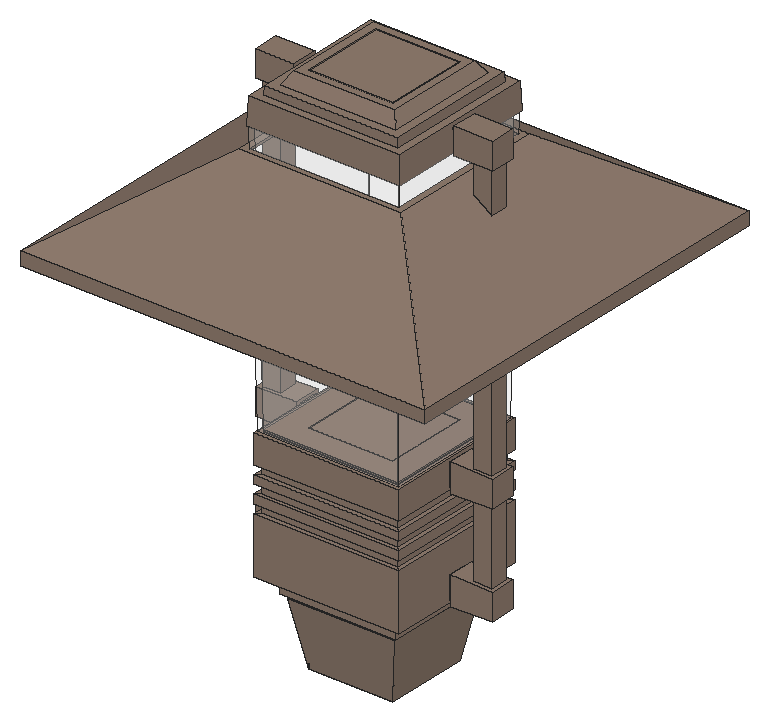
Revit family "PKWM", category Lighting Fixtures, host Face, Revit 2012
Parameters (values of type "PKWM- WRZ")
  Wattage Comments = "55W"
  Voltage = 120 V  # constant formula
  URL = "http://www.aal.net/"
  Product Page URL = "http://www.aal.net/products/pkwm/"
  Product Documentation Link = "http://cdn.aal.net/content/products/specs/specs_files/aal_pkwm_spec.pdf"
  Photometric Web = Web PKWM : PKWM-STR-Y3VC-32LED-3K-525
  Model = "PKWM"  # constant formula
  Manufacturer Phone = "(626)-968-5666"  # constant formula
  Manufacturer Fax = "(626)-369-2695"  # constant formula
  Manufacturer = "Architectural Area Lighting"  # constant formula
  Load Classification = Lighting
  Light Bulb Material = Hubbell - Glass
  Lamp = "LED"
  Finish = Hubbell-Aluminum-Weathered Bronze
  Description = "Parkway square is a complete family of luminaires that harmoniously combine the ultimate in style with technological sophistication. Parkway Square is scaled in two sizes of luminaires plus a matching bollard, and features unique appointments and design elements sure to meet the needs of any project."  # constant formula
  Default Elevation = 48.000"
  Apparent Load = 0 VA
Reference planes (in)
  plane 1 "Center (Front/Back)": y = 0.03999
  plane 2: z = 0
  plane 3 "Center (Left/Right)": x = 0.00649
  plane 4: z = 21
Dimensions and locks (in)
  host sketch curve to plane 1 "Center (Front/Back)" to host sketch curve = 48.03999", 47.96001"
  host sketch curve to plane 3 "Center (Left/Right)" to host sketch curve = 48.00649", 47.99351"
  locked: plane 4 to plane 2 at 21
  aligned and locked: plane 2 to host face
  aligned and locked: level to host face
  aligned and locked: plane 3 "Center (Left/Right)" to nested 1
  aligned and locked: plane 1 "Center (Front/Back)" to nested 1
Nested families (in)
  nested 1: "PKWM_ANG" at (1.15022, -2.7399, 0), Housing Finish <- "Finish", Glazing Type <- "Light Bulb Material", type "Default"
    with Housing Finish Hubbell-Aluminum-Weathered Bronze, Glazing Type Hubbell - Glass
  nested 2: "Web PKWM" at (0.24545, 0, 21) x (1, 0, 0) z (0, 0, -1), type <- "Photometric Web", type "PKWM-STR-Y3VC-32LED-3K-525"
Connectors (in)
  electrical at (0.00649, 0.03999, 0.00193), driven by "Voltage", driven by "Apparent Load", driven by "Load Classification"
    settings: on nested 1, index 1, voltage 120 V, apparent load 0 VA, apparent load phase1 0 VA, apparent load phase2 0 VA, apparent load phase3 0 VA, power factor 1, load classification "Lighting", number of poles 1, system type 30, power factor state 1, is connector primary yes, connector utility no, sub classification motor no, connector description "Electrical connector"
Definition of nested family "PKWM_ANG"
  Parameters (values of type "Default")
    Wattage Comments = "LU100"
    Lamp = "Load Type Catalog for configurations"
    Half Width = Width / 2  # 11.500"
    Width = 23.000"  # constant formula
    Voltage = 277 V
    Type Comments = "Parkway Square"  # constant formula
    Half Base Width = Base Width / 2  # 2.375"
    Default Elevation = 0.000"
    Hood Height = 9.15625"  # constant formula
    URL = "www.aal.net"
    Series = "Period Luminaires"  # constant formula
    Revision Date = "05/2/2011"  # constant formula
    Power Factor = 1  # constant formula
    OmniClass Title = "Post-Top Lighting"  # constant formula
    OmniClass Number = "23.80.70.14.11.14"  # constant formula
    Number of Poles = 1
    Note Visible = yes
    Note Text = "LF"  # constant formula
    Model = "Load Type Catalog for configurations"
    MasterFormat Title = "Area Lighting"  # constant formula
    MasterFormat Number = "26.56.29"  # constant formula
    Manufacturer = "Architectural Area Lighting"  # constant formula
    Housing Finish [instance] = none
    Height = 30.500"  # constant formula
    Glazing Type [instance] = none
    Full Load Current = 0.73 A  # constant formula
    Frequency = 60 Hz  # constant formula
    Description = "Exterior Lighting"  # constant formula
    Created By = "CADdetails, LTD"  # constant formula
    Base Width = 4.750"  # constant formula
    Assembly Code = "D5020200"
    Architectural Design Manual = "http://www.aal.net/products/pkwm/"
    Apparent Load = 57 VA
    Absolute Lumens = 9300 lm
  Reference planes (in)
    plane 1 "Light Source Axis (F/B)": y = 2.77989
    plane 2 "Bottom": z = 0.00193
    plane 3 "Light Source Axis (L/R)": x = -1.14373
    plane 4 "Light Source Elevation": z = 16.81443
    plane 5 "Top": z = 30.50193
    plane 6: z = 12.28318
    plane 7: x = -3.51873
    plane 8 "Left": x = -12.64373
    plane 9: x = 1.23127
    plane 10 "Right": x = 10.35627
    plane 11: z = 21.34568
    plane 12: y = 5.15489
    plane 13 "Back": y = 14.27989
    plane 14: y = 0.40489
    plane 15 "Front": y = -8.72011
  Forms (in)
    Sweep 1, solid, material <- "Housing Finish", detail levels medium+fine
      path origin (0, 0, 16.81443) x (0, -1, 0) y (1, 0, 0)
        loop
          line (-14.27989, -12.64373) -> (8.72011, -12.64373) -> (8.72011, 10.35627) -> (-14.27989, 10.35627) -> (-14.27989, -12.64373)
      profile origin (-12.64373, 2.77989, 16.81443) x (1, 0, 0) y (0, 0, 1)
        loop
          line (8.65047, 13.6875) -> (8.21746, 13.03075) -> (7.71746, 13.03075) -> (7.7, 12.53075) -> (7.20863, 12.53075) -> (7.15625, 11.03075) -> (9.125, 11.03075) -> (9.125, 13.6875) -> (8.65047, 13.6875)
        loop
          line (7.24046, 9.84375) -> (6.91001, 9.84375) -> (0, 5.28125) -> (0, 4.53125) -> (0.125, 4.53125) -> (0.125, 5.21399) -> (6.94755, 9.71875) -> (7.24046, 9.71875) -> (7.24046, 9.84375)
        loop
          line (9.125, -16.8125) -> (9.125, -4.53125) -> (7.688, -4.53125) -> (7.688, -4.625) -> (7.375, -4.625) -> (7.375, -6.25) -> (7.625, -6.25873) -> (7.625, -6.75873) -> (7.375, -6.76746) -> (7.375, -7.25) -> (7.625, -7.25873) -> (7.625, -7.75873) -> (7.375, -7.76746) -> (7.375, -8.25) -> (7.625, -8.25873) -> (7.625, -8.75873) -> (7.375, -8.76746) -> (7.375, -12) -> (7.594, -12) -> (7.594, -12.0625) -> (8.438, -12.0625) -> (8.438, -12.25) -> (8.188, -12.26748) -> (8.188, -12.92004) -> (8.688, -12.9375) -> (8.688, -13.125) -> (8.44127, -13.14225) -> (8.47252, -13.20475) -> (8.44127, -13.20475) -> (9.125, -16.8125)
    Extrusion 2, solid, material <- "Housing Finish"
      sketch origin (0, 2.77989, 0) x (1, 0, 0) y (0, 0, 1)
        loop
          line (-3.51873, 0.00193) -> (1.23127, 0.00193) -> (1.23127, 12.28318) -> (-3.51873, 12.28318) -> (-3.51873, 0.00193)
        loop
          line (-3.51873, 27.84518) -> (1.23127, 27.84518) -> (1.23127, 30.50193) -> (-3.51873, 30.50193) -> (-3.51873, 27.84518)
      from -2.375 to 2.375
    Extrusion 3, solid, material <- "Housing Finish", detail levels fine
      sketch origin (0, 2.77989, 0) x (1, 0, 0) y (0, 0, 1)
        loop
          line (-5.51873, 6.43943) -> (-7.89373, 6.35649) -> (-7.89373, 4.89737) -> (-5.51873, 4.81443) -> (-5.51873, 5.00243) -> (-5.26873, 5.01116) -> (-5.26873, 6.3057) -> (-5.51873, 6.31443) -> (-5.51873, 6.43943)
        loop
          line (-5.51873, 12.18943) -> (-7.89373, 12.10649) -> (-7.89373, 10.64737) -> (-5.51873, 10.56443) -> (-5.51873, 10.75243) -> (-5.26873, 10.76116) -> (-5.26873, 12.0557) -> (-5.51873, 12.06443) -> (-5.51873, 12.18943)
        loop
          line (-7.89473, 29.34518) -> (-7.89473, 27.84518) -> (-5.6851, 27.84518) -> (-5.6851, 28.03318) -> (-5.4351, 28.03318) -> (-5.4351, 29.15718) -> (-5.6851, 29.15718) -> (-5.6851, 29.34518) -> (-7.89473, 29.34518)
        loop
          line (3.23127, 6.43943) -> (3.23127, 6.31443) -> (2.98127, 6.3057) -> (2.98127, 5.01116) -> (3.23127, 5.00243) -> (3.23127, 4.81443) -> (5.60627, 4.89737) -> (5.60627, 6.35649) -> (3.23127, 6.43943)
        loop
          line (3.23127, 12.18943) -> (3.23127, 12.06443) -> (2.98127, 12.0557) -> (2.98127, 10.76116) -> (3.23127, 10.75243) -> (3.23127, 10.56443) -> (5.60627, 10.64737) -> (5.60627, 12.10649) -> (3.23127, 12.18943)
        loop
          line (5.60727, 29.34518) -> (3.39764, 29.34518) -> (3.39764, 29.15718) -> (3.14764, 29.15718) -> (3.14764, 28.03318) -> (3.39764, 28.03318) -> (3.39764, 27.84518) -> (5.60727, 27.84518) -> (5.60727, 29.34518)
      from -0.73047 to 0.73047
    Extrusion 4, void
      sketch origin (0, 0, 0.00193) x (1, 0, 0) y (0, 1, 0)
        loop
          line (-5.51873, 3.51036) -> (-5.51873, 3.32286) -> (-5.26873, 3.32286) -> (-5.26873, 3.51036) -> (-5.51873, 3.51036)
        loop
          line (-5.51873, 2.23692) -> (-5.51873, 2.04942) -> (-5.26873, 2.04942) -> (-5.26873, 2.23692) -> (-5.51873, 2.23692)
        loop
          line (3.23127, 3.51036) -> (2.98127, 3.51036) -> (2.98127, 3.32286) -> (3.23127, 3.32286) -> (3.23127, 3.51036)
        loop
          line (3.23127, 2.23692) -> (2.98127, 2.23692) -> (2.98127, 2.04942) -> (3.23127, 2.04942) -> (3.23127, 2.23692)
      from 0 to 12.28125
    Extrusion 5, void
      sketch origin (0, 0, 30.50193) x (-1, 0, 0) y (0, -1, 0)
        loop
          line (5.6851, -3.51036) -> (5.6851, -3.32286) -> (5.4351, -3.32286) -> (5.4351, -3.51036) -> (5.6851, -3.51036)
        loop
          line (5.6851, -2.23692) -> (5.6851, -2.04942) -> (5.4351, -2.04942) -> (5.4351, -2.23692) -> (5.6851, -2.23692)
        loop
          line (-3.39764, -3.51036) -> (-3.14764, -3.51036) -> (-3.14764, -3.32286) -> (-3.39764, -3.32286) -> (-3.39764, -3.51036)
        loop
          line (-3.39764, -2.23692) -> (-3.14764, -2.23692) -> (-3.14764, -2.04942) -> (-3.39764, -2.04942) -> (-3.39764, -2.23692)
      from 0 to -9.15625
    Extrusion 6, solid, material <- "Housing Finish", detail levels fine
      sketch origin (0, 0, 16.81443) x (0, -1, 0) y (1, 0, 0)
        loop
          line (-3.27989, -7.64473) -> (-2.27989, -7.64473) -> (-2.27989, -6.64473) -> (-3.27989, -6.64473) -> (-3.27989, -7.64473)
        loop
          line (-3.27989, 5.35727) -> (-3.27989, 4.35727) -> (-2.27989, 4.35727) -> (-2.27989, 5.35727) -> (-3.27989, 5.35727)
      from -11.28761 to 11.03075
    Sweep 7, solid, material <- "Glazing Type"
      path origin (0, 0, 16.81443) x (0, -1, 0) y (1, 0, 0)
        loop
          line (-5.15489, -3.51873) -> (-0.40489, -3.51873) -> (-0.40489, 1.23127) -> (-5.15489, 1.23127) -> (-5.15489, -3.51873)
      profile origin (-3.51873, 2.77989, 16.81443) x (1, 0, 0) y (0, 0, 1)
        loop
          line (-1.89664, 11.03075) -> (-1.62336, -4.625) -> (-1.437, -4.625) -> (-1.71027, 11.03075) -> (-1.89664, 11.03075)
    Sweep 8, solid, material <- "Housing Finish", detail levels coarse
      path origin (0, 0, 16.81443) x (0, -1, 0) y (1, 0, 0)
        loop
          line (-14.27989, -12.64373) -> (8.72011, -12.64373) -> (8.72011, 10.35627) -> (-14.27989, 10.35627) -> (-14.27989, -12.64373)
      profile origin (-12.64373, 2.77989, 16.81443) x (1, 0, 0) y (0, 0, 1)
        loop
          line (9.125, 13.6875) -> (7.03474, 13.6875) -> (7.03474, 11.03075) -> (9.125, 11.03075) -> (9.125, 13.6875)
        loop
          line (0, 4.53125) -> (7.03474, 4.53125) -> (7.03474, 6.34375) -> (0, 6.34375) -> (0, 4.53125)
        loop
          line (9.125, -4.53125) -> (7.03474, -4.53125) -> (7.03474, -16.8125) -> (9.125, -16.8125) -> (9.125, -4.53125)
  Cuts and joins
    Extrusion 4, Extrusion 5 cuts Extrusion 2
    Extrusion 4, Extrusion 5 cuts Extrusion 3
    joined: Extrusion 3, Extrusion 6
  Lines and regions (in)
    Masking region 1
      outline origin (0, 0, 16.81443) x (0, -1, 0) y (1, 0, 0)
        loop
          line (-14.27989, -12.64373) -> (8.72011, -12.64373) -> (8.72011, 10.35627) -> (-14.27989, 10.35627) -> (-14.27989, -12.64373)
    Masking region 2, detail levels medium+fine
      outline origin (0, 0, 16.81443) x (0, -1, 0) y (1, 0, 0)
        loop
          line (-7.07126, -5.4351) -> (1.51148, -5.4351) -> (1.51148, 3.14764) -> (-7.07126, 3.14764) -> (-7.07126, -5.4351)
    Masking region 3, detail levels fine
      outline origin (0, 0, 16.81443) x (0, -1, 0) y (1, 0, 0)
        loop
          line (-3.32286, -5.4351) -> (-3.32286, -5.6851) -> (-3.51036, -5.6851) -> (-3.51036, -7.89473) -> (-2.04942, -7.89473) -> (-2.04942, -5.6851) -> (-2.23692, -5.6851) -> (-2.23692, -5.4351) -> (-3.32286, -5.4351)
        loop
          line (-3.32286, 3.14764) -> (-2.23692, 3.14764) -> (-2.23692, 3.39764) -> (-2.04942, 3.39764) -> (-2.04942, 5.60727) -> (-3.51036, 5.60727) -> (-3.51036, 3.39764) -> (-3.32286, 3.39764) -> (-3.32286, 3.14764)
        loop
          line (-6.09189, -4.45573) -> (0.53211, -4.45573) -> (0.53211, 2.16827) -> (-6.09189, 2.16827) -> (-6.09189, -4.45573)
        loop
          line (-5.59189, -3.95573) -> (0.03211, -3.95573) -> (0.03211, 1.66827) -> (-5.59189, 1.66827) -> (-5.59189, -3.95573)
    Masking region 4, detail levels medium+fine
      outline origin (0, 2.77989, 0) x (1, 0, 0) y (0, 0, 1)
        loop
          line (-3.51873, 0.00193) -> (1.23127, 0.00193) -> (1.915, 3.60968) -> (1.88375, 3.60968) -> (1.915, 3.67218) -> (1.66827, 3.68943) -> (1.66827, 3.87693) -> (2.16827, 3.89439) -> (2.16827, 4.54695) -> (1.91827, 4.56443) -> (1.91827, 4.75193) -> (2.76227, 4.75193) -> (2.76227, 4.81443) -> (2.98127, 4.81443) -> (2.98127, 5.01116) -> (3.23127, 5.01116) -> (3.23127, 4.81443) -> (5.60627, 4.89737) -> (5.60627, 6.35649) -> (5.35727, 6.35649) -> (5.35727, 10.63867) -> (5.60627, 10.64737) -> (5.60627, 12.10649) -> (5.35727, 12.11519) -> (5.35727, 21.34568) -> (10.35627, 21.34568) -> (10.35627, 22.09568) -> (5.35727, 25.39639) -> (5.35727, 27.84518) -> (5.60727, 27.84518) -> (5.60727, 29.34518) -> (3.39764, 29.34518) -> (3.39764, 29.15718) -> (3.1542, 29.15718) -> (3.14764, 29.34518) -> (2.65627, 29.34518) -> (2.63881, 29.84518) -> (2.13881, 29.84518) -> (1.70579, 30.50193) -> (-3.99326, 30.50193) -> (-4.42627, 29.84518) -> (-4.92627, 29.84518) -> (-4.94373, 29.34518) -> (-5.4351, 29.34518) -> (-5.4351, 29.15718) -> (-5.6851, 29.15718) -> (-5.6851, 29.34518) -> (-7.89473, 29.34518) -> (-7.89473, 27.84518) -> (-7.64473, 27.84518) -> (-7.64473, 25.39639) -> (-12.64373, 22.09568) -> (-12.64373, 21.34568) -> (-7.64473, 21.34568) -> (-7.64473, 12.11519) -> (-7.89373, 12.10649) -> (-7.89373, 10.64737) -> (-7.64473, 10.63867) -> (-7.64473, 6.36519) -> (-7.89373, 6.35649) -> (-7.89373, 4.89737) -> (-5.51873, 4.81443) -> (-5.51873, 5.00243) -> (-5.26873, 5.01116) -> (-5.26873, 4.81443) -> (-5.04973, 4.81443) -> (-5.04973, 4.75193) -> (-4.20573, 4.75193) -> (-4.20573, 4.56443) -> (-4.45573, 4.54695) -> (-4.45573, 3.89439) -> (-3.95573, 3.87693) -> (-3.95573, 3.68943) -> (-4.20246, 3.67218) -> (-4.17121, 3.60968) -> (-4.20246, 3.60968) -> (-3.51873, 0.00193)
        loop
          line (-6.64473, 10.60375) -> (-6.64473, 6.40011) -> (-5.51873, 6.43943) -> (-5.51873, 6.31443) -> (-5.26873, 6.3057) -> (-5.26873, 8.04697) -> (-5.01873, 8.0557) -> (-5.01873, 8.5557) -> (-5.26873, 8.56443) -> (-5.26873, 9.04697) -> (-5.01873, 9.0557) -> (-5.01873, 9.5557) -> (-5.26873, 9.56443) -> (-5.26873, 10.04697) -> (-5.01873, 10.0557) -> (-5.01873, 10.5557) -> (-5.26873, 10.56443) -> (-5.26873, 10.76116) -> (-5.51873, 10.75243) -> (-5.51873, 10.56443) -> (-6.64473, 10.60375)
        loop
          line (4.35727, 10.60375) -> (3.23127, 10.56443) -> (3.23127, 10.75243) -> (2.98127, 10.76116) -> (2.98127, 10.56443) -> (2.73127, 10.5557) -> (2.73127, 10.0557) -> (2.98127, 10.04697) -> (2.98127, 9.56443) -> (2.73127, 9.5557) -> (2.73127, 9.0557) -> (2.98127, 9.04697) -> (2.98127, 8.56443) -> (2.73127, 8.5557) -> (2.73127, 8.0557) -> (2.98127, 8.04697) -> (2.98127, 6.3057) -> (3.23127, 6.31443) -> (3.23127, 6.43943) -> (4.35727, 6.40011) -> (4.35727, 10.60375)
        loop
          line (-6.64473, 21.34568) -> (-6.64473, 12.15011) -> (-5.51873, 12.18943) -> (-5.51873, 12.06443) -> (-5.26873, 12.0557) -> (-5.26873, 12.18943) -> (-5.1421, 12.18943) -> (-5.33683, 21.34568) -> (-6.64473, 21.34568)
        loop
          line (4.35727, 21.34568) -> (3.04936, 21.34568) -> (2.85463, 12.18943) -> (2.98127, 12.18943) -> (2.98127, 12.0557) -> (3.23127, 12.06443) -> (3.23127, 12.18943) -> (4.35727, 12.15011) -> (4.35727, 21.34568)
        loop
          line (-6.64473, 27.84518) -> (-6.64473, 26.05667) -> (-5.73372, 26.65818) -> (-5.39465, 26.65818) -> (-5.41537, 27.84518) -> (-5.48748, 27.84518) -> (-5.48092, 28.03318) -> (-5.6851, 28.03318) -> (-5.6851, 27.84518) -> (-6.64473, 27.84518)
        loop
          line (4.35727, 27.84518) -> (3.39764, 27.84518) -> (3.39764, 28.03318) -> (3.19345, 28.03318) -> (3.20002, 27.84518) -> (3.1279, 27.84518) -> (3.10718, 26.65818) -> (3.44626, 26.65818) -> (4.35727, 26.05667) -> (4.35727, 27.84518)
    Masking region 5, detail levels coarse
      outline origin (0, 2.77989, 0) x (1, 0, 0) y (0, 0, 1)
        loop
          line (-3.51873, 0.00193) -> (1.23127, 0.00193) -> (2.98127, 9.23592) -> (2.98127, 21.34568) -> (10.35627, 21.34568) -> (10.35627, 22.09568) -> (3.44626, 26.65818) -> (2.98127, 26.65818) -> (2.98127, 30.50193) -> (-5.26873, 30.50193) -> (-5.26873, 26.65818) -> (-5.73372, 26.65818) -> (-12.64373, 22.09568) -> (-12.64373, 21.34568) -> (-5.26873, 21.34568) -> (-5.26873, 9.23592) -> (-3.51873, 0.00193)
    Masking region 6, detail levels coarse
      outline origin (-1.14373, 0, 0) x (0, 1, 0) y (0, 0, 1)
        loop
          line (5.15489, 0.00193) -> (6.90489, 9.23592) -> (6.90489, 21.34568) -> (14.27989, 21.34568) -> (14.27989, 22.09568) -> (7.36988, 26.65818) -> (6.90489, 26.65818) -> (6.90489, 30.50193) -> (-1.34511, 30.50193) -> (-1.34511, 26.65818) -> (-1.8101, 26.65818) -> (-8.72011, 22.09568) -> (-8.72011, 21.34568) -> (-1.34511, 21.34568) -> (-1.34511, 9.23592) -> (0.40489, 0.00193) -> (5.15489, 0.00193)
    Masking region 7, detail levels medium+fine
      outline origin (-1.14373, 0, 0) x (0, 1, 0) y (0, 0, 1)
        loop
          line (5.15489, 0.00193) -> (5.83862, 3.60968) -> (5.80737, 3.60968) -> (5.83862, 3.67218) -> (5.59189, 3.68943) -> (5.59189, 3.87693) -> (6.09189, 3.89439) -> (6.09189, 4.54695) -> (5.84189, 4.56443) -> (5.84189, 4.75193) -> (6.68589, 4.75193) -> (6.68589, 4.81443) -> (6.90489, 4.81443) -> (6.90489, 5.01116) -> (6.90489, 8.04697) -> (6.65489, 8.0557) -> (6.65489, 8.5557) -> (6.90489, 8.56443) -> (6.90489, 9.04697) -> (6.65489, 9.0557) -> (6.65489, 9.5557) -> (6.90489, 9.56443) -> (6.90489, 10.04697) -> (6.65489, 10.0557) -> (6.65489, 10.5557) -> (6.90489, 10.56443) -> (6.90489, 12.0557) -> (6.90489, 12.18943) -> (6.77825, 12.18943) -> (6.97299, 21.34568) -> (9.28089, 21.34568) -> (14.27989, 21.34568) -> (14.27989, 22.09568) -> (7.36988, 26.65818) -> (7.03081, 26.65818) -> (7.05153, 27.84518) -> (7.12364, 27.84518) -> (7.07126, 29.34518) -> (6.57989, 29.34518) -> (6.56243, 29.84518) -> (6.06243, 29.84518) -> (5.62942, 30.50193) -> (-0.06964, 30.50193) -> (-0.50265, 29.84518) -> (-1.00265, 29.84518) -> (-1.02011, 29.34518) -> (-1.51148, 29.34518) -> (-1.56386, 27.84518) -> (-1.49174, 27.84518) -> (-1.47103, 26.65818) -> (-1.8101, 26.65818) -> (-8.72011, 22.09568) -> (-8.72011, 21.34568) -> (-3.72111, 21.34568) -> (-1.41321, 21.34568) -> (-1.21847, 12.18943) -> (-1.34511, 12.18943) -> (-1.34511, 12.0557) -> (-1.34511, 10.56443) -> (-1.09511, 10.5557) -> (-1.09511, 10.0557) -> (-1.34511, 10.04697) -> (-1.34511, 9.56443) -> (-1.09511, 9.5557) -> (-1.09511, 9.0557) -> (-1.34511, 9.04697) -> (-1.34511, 8.56443) -> (-1.09511, 8.5557) -> (-1.09511, 8.0557) -> (-1.34511, 8.04697) -> (-1.34511, 5.01116) -> (-1.34511, 4.81443) -> (-1.12611, 4.81443) -> (-1.12611, 4.75193) -> (-0.28211, 4.75193) -> (-0.28211, 4.56443) -> (-0.53211, 4.54695) -> (-0.53211, 3.89439) -> (-0.03211, 3.87693) -> (-0.03211, 3.68943) -> (-0.27884, 3.67218) -> (-0.24759, 3.60968) -> (-0.27884, 3.60968) -> (0.40489, 0.00193) -> (5.15489, 0.00193)
    Masking region 8, detail levels fine
      outline origin (-1.14373, 0, 0) x (0, 1, 0) y (0, 0, 1)
        loop
          line (3.27989, 27.84518) -> (3.51036, 27.84518) -> (3.51036, 29.34518) -> (2.04942, 29.34518) -> (2.04942, 27.84518) -> (2.27989, 27.84518) -> (2.27989, 12.18943) -> (2.04942, 12.18943) -> (2.04942, 10.56443) -> (2.27989, 10.56443) -> (2.27989, 6.43943) -> (2.04942, 6.43943) -> (2.04942, 4.81443) -> (3.51036, 4.81443) -> (3.51036, 6.43943) -> (3.27989, 6.43943) -> (3.27989, 10.56443) -> (3.51036, 10.56443) -> (3.51036, 12.18943) -> (3.27989, 12.18943) -> (3.27989, 27.84518)
        loop
          line (3.32286, 29.15718) -> (2.23692, 29.15718) -> (2.23692, 28.03318) -> (3.32286, 28.03318) -> (3.32286, 29.15718)
        loop
          line (3.32286, 12.06443) -> (2.23692, 12.06443) -> (2.23692, 10.75243) -> (3.32286, 10.75243) -> (3.32286, 12.06443)
        loop
          line (3.32286, 5.00243) -> (3.32286, 6.31443) -> (2.23692, 6.31443) -> (2.23692, 5.00243) -> (3.32286, 5.00243)
    symbolic lines, detail levels coarse
      curve 1: line (-12.64373, 14.27989, 16.81443) -> (10.35627, -8.72011, 16.81443)
      curve 2: line (10.35627, 14.27989, 16.81443) -> (-12.64373, -8.72011, 16.81443)
    symbolic lines, detail levels fine
      curve 3: line (-12.64373, 14.27989, 16.81443) -> (-5.60899, 7.24515, 16.81443)
      curve 4: line (10.35627, 14.27989, 16.81443) -> (3.32153, 7.24515, 16.81443)
      curve 5: line (10.35627, -8.72011, 16.81443) -> (3.32153, -1.68537, 16.81443)
      curve 6: line (-5.60899, -1.68537, 16.81443) -> (-12.64373, -8.72011, 16.81443)
      curve 7: line (2.63881, 2.77989, 29.84518) -> (-4.92627, 2.77989, 29.84518)
      curve 8: line (3.14764, 2.77989, 29.34518) -> (-5.4351, 2.77989, 29.34518)
      curve 9: line (-5.48748, 2.77989, 27.84518) -> (3.20002, 2.77989, 27.84518)
      curve 10: line (-5.6851, 2.77989, 27.84518) -> (-5.6851, 2.77989, 29.34518)
      curve 11: line (-5.4351, 2.77989, 29.34518) -> (-5.48748, 2.77989, 27.84518)
      curve 12: line (3.39764, 2.77989, 29.34518) -> (3.39764, 2.77989, 27.84518)
      curve 13: line (3.20002, 2.77989, 27.84518) -> (3.14764, 2.77989, 29.34518)
      curve 14: line (3.32153, 2.77989, 26.65818) -> (-5.60899, 2.77989, 26.65818)
      curve 15: line (-12.64373, 2.77989, 21.34568) -> (10.35627, 2.77989, 21.34568)
      curve 16: line (-5.51873, 2.77989, 4.81443) -> (-5.51873, 2.77989, 6.43943)
      curve 17: line (-5.51873, 2.77989, 10.56443) -> (-5.51873, 2.77989, 12.18943)
      curve 18: line (-5.26873, 2.77989, 12.18943) -> (-5.26873, 2.77989, 10.56443)
      curve 19: line (-5.26873, 2.77989, 6.3057) -> (-5.26873, 2.77989, 5.01116)
      curve 20: line (3.23127, 2.77989, 4.81443) -> (3.23127, 2.77989, 6.43943)
      curve 21: line (3.23127, 2.77989, 10.56443) -> (3.23127, 2.77989, 12.18943)
      curve 22: line (2.98127, 2.77989, 12.18943) -> (2.98127, 2.77989, 10.56443)
      curve 23: line (2.98127, 2.77989, 6.3057) -> (2.98127, 2.77989, 5.01116)
      curve 24: line (-5.51873, 2.77989, 12.18943) -> (-7.89373, 2.77989, 12.10649)
      curve 25: line (-7.89373, 2.77989, 10.64737) -> (-5.51873, 2.77989, 10.56443)
      curve 26: line (-5.51873, 2.77989, 6.43943) -> (-7.89373, 2.77989, 6.35649)
      curve 27: line (5.60627, 2.77989, 6.35649) -> (3.23127, 2.77989, 6.43943)
      curve 28: line (3.23127, 2.77989, 10.56443) -> (5.60627, 2.77989, 10.64737)
      curve 29: line (5.60627, 2.77989, 12.10649) -> (3.23127, 2.77989, 12.18943)
      curve 30: line (2.98127, 2.77989, 12.18943) -> (-5.26873, 2.77989, 12.18943)
      curve 31: line (2.98127, 2.77989, 10.56443) -> (-5.26873, 2.77989, 10.56443)
      curve 32: line (2.98127, 2.77989, 10.04697) -> (-5.26873, 2.77989, 10.04697)
      curve 33: line (2.98127, 2.77989, 9.56443) -> (-5.26873, 2.77989, 9.56443)
      curve 34: line (2.98127, 2.77989, 9.04697) -> (-5.26873, 2.77989, 9.04697)
      curve 35: line (2.98127, 2.77989, 8.04697) -> (-5.26873, 2.77989, 8.04697)
      curve 36: line (-5.04973, 2.77989, 4.75193) -> (2.76227, 2.77989, 4.75193)
      curve 37: line (2.16827, 2.77989, 4.54695) -> (-4.45573, 2.77989, 4.54695)
      curve 38: line (2.16827, 2.77989, 3.89439) -> (-4.45573, 2.77989, 3.89439)
      curve 39: line (1.915, 2.77989, 3.67218) -> (-4.20246, 2.77989, 3.67218)
      curve 40: line (-1.14373, 6.56243, 29.84518) -> (-1.14373, -1.00265, 29.84518)
      curve 41: line (-1.14373, 7.07126, 29.34518) -> (-1.14373, -1.51148, 29.34518)
      curve 42: line (-1.14373, -1.56386, 27.84518) -> (-1.14373, 7.12364, 27.84518)
      curve 43: line (-1.14373, 3.27989, 26.65818) -> (-1.14373, 7.24515, 26.65818)
      curve 44: line (-1.14373, 3.27989, 21.34568) -> (-1.14373, 6.97299, 21.34568)
      curve 45: line (-1.14373, -1.21847, 12.18943) -> (-1.14373, 6.90489, 12.18943)
      curve 46: line (-1.14373, -1.09511, 10.56443) -> (-1.14373, 6.90489, 10.56443)
      curve 47: line (-1.14373, 6.90489, 10.04697) -> (-1.14373, 3.27989, 10.04697)
      curve 48: line (-1.14373, 6.90489, 9.56443) -> (-1.14373, 3.27989, 9.56443)
      curve 49: line (-1.14373, 6.90489, 9.04697) -> (-1.14373, 3.27989, 9.04697)
      curve 50: line (-1.14373, 6.90489, 8.56443) -> (-1.14373, 3.27989, 8.56443)
      curve 51: line (-1.14373, 6.90489, 8.02892) -> (-1.14373, 3.27989, 8.02892)
      curve 52: line (-1.14373, 6.68589, 4.81443) -> (-1.14373, -1.12611, 4.81443)
      curve 53: line (-1.14373, 3.27989, 6.43943) -> (-1.14373, 2.27989, 6.43943)
      curve 54: line (-1.14373, 6.09189, 4.54695) -> (-1.14373, -0.53211, 4.54695)
      curve 55: line (-1.14373, 6.09189, 3.89439) -> (-1.14373, -0.53211, 3.89439)
      curve 56: line (-1.14373, 5.83862, 3.67218) -> (-1.14373, -0.27884, 3.67218)
      curve 57: line (-1.14373, 2.27989, 26.65818) -> (-1.14373, -1.68537, 26.65818)
      curve 58: line (-1.14373, 2.27989, 21.34568) -> (-1.14373, -1.41321, 21.34568)
      curve 59: line (-1.14373, -1.34511, 10.04697) -> (-1.14373, 2.27989, 10.04697)
      curve 60: line (-1.14373, -1.34511, 9.56443) -> (-1.14373, 2.27989, 9.56443)
      curve 61: line (-1.14373, -1.34511, 9.04697) -> (-1.14373, 2.27989, 9.04697)
      curve 62: line (-1.14373, -1.34511, 8.56443) -> (-1.14373, 2.27989, 8.56443)
      curve 63: line (-1.14373, -1.34511, 8.02892) -> (-1.14373, 2.27989, 8.02892)
  Dimensions and locks (in)
    "Height": plane 5 "Top" to plane 2 "Bottom"
    "Default Elevation": plane 2 "Bottom" to level
    "Half Width": plane 3 "Light Source Axis (L/R)" to plane 8 "Left"
    "Half Width": plane 10 "Right" to plane 3 "Light Source Axis (L/R)"
    "Half Base Width": plane 3 "Light Source Axis (L/R)" to plane 7
    "Half Base Width": plane 9 to plane 3 "Light Source Axis (L/R)"
    "Hood Height": plane 5 "Top" to plane 11
    locked: plane 6 to plane 2 "Bottom" at 12.28125
    equal spacing: plane 11, plane 4 "Light Source Elevation", plane 6
    "Half Width": plane 13 "Back" to plane 1 "Light Source Axis (F/B)"
    "Half Width": plane 15 "Front" to plane 1 "Light Source Axis (F/B)"
    "Half Base Width": plane 14 to plane 1 "Light Source Axis (F/B)"
    "Half Base Width": plane 1 "Light Source Axis (F/B)" to plane 12
    locked: Sweep 1 sketch curve to plane 8 "Left" at 0.125
    plane 5 "Top" to Sweep 1 sketch curve to Sweep 1 sketch curve to Sweep 1 sketch curve to Sweep 1 sketch curve to Sweep 1 sketch curve = 0.65675" locked, 0.500" locked, 1.500" locked, 1.187" locked, 0.125" locked
    plane 7 to Sweep 1 sketch curve to Sweep 1 sketch curve = 0.937" locked, 0.813" locked
    locked: plane 5 "Top" to Extrusion 2 sketch curve at 2.65675
    locked: Extrusion 6 to plane 2 "Bottom" at 5.52489
    locked: plane 5 "Top" to Extrusion 6 at 2.65675
    Sweep 7 sketch curve to Sweep 7 sketch curve to Sweep 7 sketch curve to Sweep 7 sketch curve to profile plane = 0.18636" locked, 0.08691" locked, 0.18636" locked, 1.437" locked
    locked: plane 5 "Top" to Sweep 7 sketch curve at 2.65675
    locked: plane 6 to Sweep 7 sketch curve at 0.09375
    locked: plane 3 "Light Source Axis (L/R)" to Sweep 1 sketch curve at 4.25954
    locked: plane 5 "Top" to Sweep 8 sketch curve at 2.65675
    locked: Sweep 8 sketch curve to plane 11 at 1.8125
    locked: plane 7 to Sweep 8 sketch curve at 2.09026
    Masking region 5 sketch curve to plane 11 = 0.750"
    plane 5 "Top" to Masking region 4 sketch curve to Masking region 4 sketch curve to Masking region 4 sketch curve to Masking region 4 sketch curve = 0.65675" locked, 0.500" locked, 1.500" locked, 1.187" locked
    plane 5 "Top" to Masking region 4 sketch curve to Masking region 4 sketch curve to Masking region 4 sketch curve to Masking region 4 sketch curve to Masking region 4 sketch curve = 1.15675" locked, 0.188" locked, 1.124" locked, 0.188" locked, 0.000" locked
    plane 5 "Top" to Masking region 4 sketch curve to Masking region 4 sketch curve to Masking region 4 sketch curve to Masking region 4 sketch curve to Masking region 4 sketch curve = 0.65675" locked, 0.500" locked, 0.188" locked, 1.124" locked, 1.375" locked
    plane 5 "Top" to Masking region 4 sketch curve to Masking region 4 sketch curve to Masking region 4 sketch curve = 1.15675" locked, 1.500" locked, 0.000" locked
    plane 5 "Top" to Sweep 1 = 3.84375"
    locked: Sweep 1 sketch curve to plane 11 at 0.75
    locked: Sweep 1 sketch curve to plane 11 at 0.68274
    locked: plane 5 "Top" to Masking region 5 sketch curve at 3.84375  (x2)
    locked: Masking region 5 sketch curve to plane 11 at 0.75
    locked: Masking region 4 sketch curve to plane 11 at 0.75  (x2)
    plane 5 "Top" to Masking region 7 sketch curve to Masking region 7 sketch curve to Masking region 7 sketch curve to Masking region 7 sketch curve = 0.65675" locked, 0.500" locked, 1.500" locked, 1.187" locked  (x2)
    locked: Masking region 7 sketch curve to plane 11 at 0.75  (x2)
    locked: plane 5 "Top" to Masking region 6 sketch curve at 3.84375  (x2)
    locked: Masking region 6 sketch curve to plane 11 at 0.75  (x2)
    aligned and locked: Sweep 1 sketch curve to plane 8 "Left"
    aligned and locked: plane 13 "Back" to Sweep 1 sketch curve
    aligned and locked: Sweep 1 sketch curve to plane 10 "Right"
    aligned and locked: Sweep 1 sketch curve to plane 11
    aligned and locked: Sweep 1 sketch curve to plane 7
    aligned and locked: plane 7 to Sweep 1 sketch curve
    aligned and locked: plane 6 to Sweep 1 sketch curve
    aligned and locked: plane 2 "Bottom" to Sweep 1 sketch curve
    aligned and locked: Sweep 1 sketch curve to Sweep 1 sketch curve  (x3)
    aligned and locked: plane 5 "Top" to Extrusion 2 sketch curve
    aligned and locked: Extrusion 2 sketch curve to plane 7  (x2)
    aligned and locked: Extrusion 2 sketch curve to plane 9  (x2)
    aligned and locked: plane 6 to Extrusion 2 sketch curve
    aligned and locked: Extrusion 2 sketch curve to plane 2 "Bottom"
    aligned and locked: plane 12 to Extrusion 2
    aligned and locked: plane 14 to Extrusion 2
    aligned and locked: Extrusion 4 to plane 2 "Bottom"
    aligned and locked: plane 6 to Extrusion 4
    aligned and locked: Extrusion 5 to plane 5 "Top"
    aligned and locked: Extrusion 5 to plane 11
    aligned and locked: plane 7 to Sweep 7 sketch curve
    aligned and locked: Sweep 7 sketch curve to plane 14
    aligned and locked: Sweep 7 sketch curve to plane 9
    aligned and locked: plane 12 to Sweep 7 sketch curve
    aligned and locked: plane 1 "Light Source Axis (F/B)" to nested 1
    aligned and locked: plane 3 "Light Source Axis (L/R)" to nested 1
    aligned and locked: Sweep 8 sketch curve to plane 8 "Left"  (x2)
    aligned and locked: Sweep 8 sketch curve to plane 10 "Right"
    aligned and locked: plane 13 "Back" to Sweep 8 sketch curve
    aligned and locked: plane 15 "Front" to Sweep 8 sketch curve
    aligned and locked: plane 5 "Top" to Sweep 8 sketch curve
    aligned and locked: Sweep 8 sketch curve to plane 11
    aligned and locked: plane 6 to Sweep 8 sketch curve
    aligned and locked: plane 7 to Sweep 8 sketch curve
    aligned and locked: Sweep 8 sketch curve to plane 2 "Bottom"
    aligned and locked: Masking region 1 sketch curve to plane 15 "Front"
    aligned and locked: plane 8 "Left" to Masking region 1 sketch curve
    aligned and locked: plane 10 "Right" to Masking region 1 sketch curve
    aligned and locked: Masking region 1 sketch curve to plane 13 "Back"
    aligned and locked: plane 10 "Right" to curve 1
    aligned and locked: plane 15 "Front" to curve 1
    aligned and locked: plane 13 "Back" to curve 2
    aligned and locked: plane 13 "Back" to curve 1
    aligned and locked: plane 15 "Front" to curve 2
    aligned and locked: plane 8 "Left" to curve 2
    aligned and locked: Sweep 1 to Masking region 2 sketch curve
    aligned and locked: Masking region 2 sketch curve to Sweep 1  (x3)
    aligned and locked: Masking region 3 sketch curve to cut or joined group of Extrusion 3, Extrusion 4, Extrusion 5, Extrusion 6  (x14)
    aligned and locked: cut or joined group of Extrusion 3, Extrusion 4, Extrusion 5, Extrusion 6 to Masking region 3 sketch curve  (x2)
    aligned and locked: Masking region 3 sketch curve to Sweep 1  (x8)
    aligned and locked: Masking region 4 sketch curve to plane 2 "Bottom"
    aligned and locked: Masking region 4 sketch curve to Sweep 1
    aligned and locked: plane 5 "Top" to Masking region 4 sketch curve
    aligned and locked: Masking region 4 sketch curve to plane 8 "Left"
    aligned and locked: Masking region 4 sketch curve to plane 10 "Right"
    aligned and locked: curve 7 to Sweep 1
    aligned and locked: curve 8 to Sweep 1
    aligned and locked: curve 9 to Sweep 1
    aligned and locked: curve 10 to cut or joined group of Extrusion 3, Extrusion 4, Extrusion 5, Extrusion 6
    aligned and locked: curve 11 to Sweep 1
    aligned and locked: curve 12 to cut or joined group of Extrusion 3, Extrusion 4, Extrusion 5, Extrusion 6
    aligned and locked: curve 13 to Sweep 1
    aligned and locked: Sweep 1 to curve 14
    aligned and locked: curve 15 to Sweep 1
    aligned and locked: curve 16 to cut or joined group of Extrusion 3, Extrusion 4, Extrusion 5, Extrusion 6
    aligned and locked: curve 24 to cut or joined group of Extrusion 3, Extrusion 4, Extrusion 5, Extrusion 6
    aligned and locked: curve 25 to cut or joined group of Extrusion 3, Extrusion 4, Extrusion 5, Extrusion 6
    aligned and locked: curve 26 to cut or joined group of Extrusion 3, Extrusion 4, Extrusion 5, Extrusion 6
    aligned and locked: curve 27 to cut or joined group of Extrusion 3, Extrusion 4, Extrusion 5, Extrusion 6
    aligned and locked: curve 28 to cut or joined group of Extrusion 3, Extrusion 4, Extrusion 5, Extrusion 6
    aligned and locked: curve 29 to cut or joined group of Extrusion 3, Extrusion 4, Extrusion 5, Extrusion 6
    aligned and locked: curve 30 to Sweep 1
    aligned and locked: curve 31 to Sweep 1
    aligned and locked: curve 32 to Sweep 1
    aligned and locked: curve 33 to Sweep 1
    aligned and locked: curve 34 to Sweep 1
    aligned and locked: curve 35 to Sweep 1
    aligned and locked: curve 36 to Sweep 1
    aligned and locked: curve 37 to Sweep 1
    aligned and locked: curve 38 to Sweep 1
    aligned and locked: curve 39 to Sweep 1
    aligned and locked: Masking region 5 sketch curve to plane 2 "Bottom"
    aligned and locked: Masking region 5 sketch curve to Sweep 1  (x3)
    aligned and locked: Sweep 1 to Masking region 5 sketch curve
    aligned and locked: Masking region 5 sketch curve to plane 5 "Top"
    aligned and locked: Masking region 5 sketch curve to plane 8 "Left"
    aligned and locked: Masking region 6 sketch curve to plane 5 "Top"
    aligned and locked: Masking region 6 sketch curve to plane 2 "Bottom"
    aligned and locked: plane 13 "Back" to Masking region 6 sketch curve
    aligned and locked: Masking region 7 sketch curve to plane 2 "Bottom"
    aligned and locked: plane 5 "Top" to Masking region 7 sketch curve
    aligned and locked: plane 13 "Back" to Masking region 7 sketch curve
    aligned and locked: curve 40 to Sweep 1
    aligned and locked: curve 41 to Sweep 1
    aligned and locked: curve 42 to Sweep 1
    aligned and locked: Sweep 1 to curve 46
    aligned and locked: Sweep 7 to Sweep 1
    aligned and locked: Sweep 8 sketch curve to Sweep 8 sketch curve  (x2)
    aligned and locked: Masking region 5 sketch curve to plane 11  (x2)
    aligned and locked: Masking region 4 sketch curve to plane 11  (x3)
    aligned and locked: plane 11 to Masking region 4 sketch curve
    aligned and locked: plane 10 "Right" to Masking region 5 sketch curve
    aligned and locked: plane 15 "Front" to Masking region 6 sketch curve
    aligned and locked: Sweep 1 to curve 57
  Automatic sketch dimensions
    Sweep 1 sketch curve to plane 15 "Front" = 0.000"
    Extrusion 4 sketch curve to plane 1 "Light Source Axis (F/B)" = 0.73047"
    Extrusion 4 sketch curve to plane 7 = 2.000"
    Extrusion 4 sketch curve to Extrusion 4 sketch curve = 0.000"  (x2)
    Extrusion 4 sketch curve to Extrusion 4 sketch curve = 0.250"  (x4)
    plane 1 "Light Source Axis (F/B)" to Extrusion 4 sketch curve = 0.73047"  (x2)
    Extrusion 4 sketch curve to plane 9 = 1.750"
    Extrusion 4 sketch curve to Extrusion 4 sketch curve = 0.1875"  (x4)
    Extrusion 4 sketch curve to plane 1 "Light Source Axis (F/B)" = 0.54297"
    Extrusion 5 sketch curve to plane 1 "Light Source Axis (F/B)" = 0.73047"  (x2)
    Extrusion 5 sketch curve to plane 9 = 2.16637"
    Extrusion 5 sketch curve to Extrusion 5 sketch curve = 0.000"  (x2)
    Extrusion 5 sketch curve to Extrusion 5 sketch curve = 0.250"  (x4)
    plane 1 "Light Source Axis (F/B)" to Extrusion 5 sketch curve = 0.73047"
    Extrusion 5 sketch curve to plane 7 = 1.91637"
    Extrusion 5 sketch curve to Extrusion 5 sketch curve = 0.1875"  (x4)
    plane 1 "Light Source Axis (F/B)" to Extrusion 5 sketch curve = 0.54297"
    Extrusion 6 sketch curve to plane 1 "Light Source Axis (F/B)" = 0.500"  (x2)
    plane 1 "Light Source Axis (F/B)" to Extrusion 6 sketch curve = 0.500"  (x2)
    Extrusion 6 sketch curve to plane 7 = 4.126"
    Extrusion 6 sketch curve to Extrusion 6 sketch curve = 1.000"  (x2)
    Extrusion 6 sketch curve to plane 9 = 3.126"
    Sweep 8 sketch curve to Sweep 8 sketch curve = 2.09026"
    curve 15 to plane 8 "Left" = 0.000"
    curve 15 to plane 10 "Right" = 0.000"
    curve 24 to plane 6 = 0.17669"
    curve 26 to curve 16 = 2.375"
    curve 25 to plane 6 = 1.63581"
    curve 10 to curve 14 = 0.07611"
    curve 17 to plane 6 = 0.09375"
    curve 17 to curve 31 = 0.250"
    curve 34 to curve 18 = 0.000"
    curve 35 to curve 34 = 0.000"
    curve 16 to curve 19 = 0.250"
    curve 33 to curve 34 = 0.000"  (x2)
    curve 32 to curve 33 = 0.000"  (x2)
    curve 19 to curve 36 = 0.219"
    curve 8 to curve 7 = 0.50883"
    curve 38 to plane 7 = 0.937"
    curve 36 to curve 37 = 0.594"
    curve 38 to curve 39 = 0.25327"
    curve 39 to plane 9 = 0.68373"
    curve 39 to curve 37 = 0.25327"
    curve 39 to curve 38 = 0.25327"
    curve 7 to curve 8 = 0.50883"
    curve 37 to curve 36 = 0.594"
    curve 22 to plane 9 = 1.750"
    curve 36 to curve 23 = 0.219"
    curve 35 to curve 23 = 0.000"
    curve 34 to curve 35 = 0.000"
    curve 23 to curve 20 = 0.250"
    curve 28 to plane 6 = 1.71875"
    curve 14 to curve 12 = 0.07611"
    curve 28 to plane 6 = 1.63581"
    curve 29 to plane 6 = 0.17669"
    curve 20 to curve 27 = 2.375"
    curve 36 to curve 20 = 0.0625"
    curve 36 to curve 16 = 0.0625"
    curve 16 to curve 19 = 0.19673"
    curve 20 to curve 23 = 0.19673"
    curve 23 to curve 20 = 0.13373"
    curve 19 to curve 16 = 0.13373"
    curve 12 to curve 9 = 0.000"
    curve 10 to curve 9 = 0.000"
    curve 12 to curve 8 = 0.000"
    curve 10 to curve 8 = 0.000"
    Extrusion 3 sketch curve to plane 5 "Top" = 1.15675"
    Extrusion 3 sketch curve to plane 7 = 4.376"
    Extrusion 3 sketch curve to plane 7 = 4.375"  (x2)
    Extrusion 3 sketch curve to plane 6 = 0.17669"  (x2)
    Extrusion 3 sketch curve to plane 7 = 2.16637"
    Extrusion 3 sketch curve to Extrusion 3 sketch curve = 0.000"  (x3)
    Extrusion 3 sketch curve to plane 6 = 0.09375"  (x2)
    Extrusion 3 sketch curve to plane 7 = 2.000"  (x2)
    Extrusion 3 sketch curve to Extrusion 3 sketch curve = 0.250"  (x9)
    Extrusion 3 sketch curve to plane 9 = 1.750"  (x2)
    Extrusion 3 sketch curve to plane 9 = 1.91637"
    Extrusion 3 sketch curve to Extrusion 3 sketch curve = 2.375"  (x2)
    Extrusion 3 sketch curve to plane 6 = 1.63581"
    Extrusion 3 sketch curve to Extrusion 3 sketch curve = 2.20963"
    Extrusion 3 sketch curve to Extrusion 3 sketch curve = 1.625"
    Extrusion 3 sketch curve to plane 6 = 1.71875"
    Extrusion 3 sketch curve to Extrusion 3 sketch curve = 4.125"  (x2)
    Extrusion 3 sketch curve to Extrusion 3 sketch curve = 0.08294"  (x2)
    Extrusion 3 sketch curve to Extrusion 3 sketch curve = 0.125"  (x3)
    Extrusion 3 sketch curve to Extrusion 3 sketch curve = 0.00873"  (x6)
    Extrusion 3 sketch curve to Extrusion 3 sketch curve = 1.29454"  (x2)
    Extrusion 3 sketch curve to Extrusion 3 sketch curve = 1.45913"  (x3)
    Extrusion 3 sketch curve to Extrusion 3 sketch curve = 0.188"  (x8)
    Extrusion 3 sketch curve to plane 6 = 0.22748"  (x2)
    Extrusion 3 sketch curve to plane 6 = 0.21875"
    Extrusion 3 sketch curve to Extrusion 3 sketch curve = 1.500"
    Extrusion 3 sketch curve to plane 5 "Top" = 2.65675"
    Extrusion 3 sketch curve to Extrusion 3 sketch curve = 1.124"
    curve 4 to plane 10 "Right" = 0.000"
    curve 3 to plane 8 "Left" = 0.000"
    curve 5 to plane 10 "Right" = 0.000"
    curve 6 to plane 8 "Left" = 0.000"
    curve 3 to plane 7 = 2.09026"
    curve 4 to plane 9 = 2.09026"
    curve 5 to plane 9 = 2.09026"
    curve 6 to plane 7 = 2.09026"
    plane 1 "Light Source Axis (F/B)" to Masking region 8 sketch curve = 0.73047"  (x3)
    Masking region 8 sketch curve to Masking region 8 sketch curve = 0.1875"  (x5)
    Masking region 8 sketch curve to Masking region 8 sketch curve = 0.04297"  (x4)
    Masking region 8 sketch curve to plane 1 "Light Source Axis (F/B)" = 0.500"  (x2)
    Masking region 8 sketch curve to plane 1 "Light Source Axis (F/B)" = 0.54297"
    Masking region 8 sketch curve to Masking region 8 sketch curve = 0.23047"
    plane 2 "Bottom" to Masking region 8 sketch curve = 4.8125"
    Masking region 8 sketch curve to Masking region 8 sketch curve = 0.188"  (x4)
    Masking region 8 sketch curve to Masking region 8 sketch curve = 1.312"
    Masking region 8 sketch curve to Masking region 8 sketch curve = 0.125"  (x2)
    Masking region 8 sketch curve to plane 6 = 1.71875"
    Masking region 8 sketch curve to Masking region 8 sketch curve = 0.000"  (x2)
    Masking region 8 sketch curve to plane 6 = 0.21875"
    Masking region 8 sketch curve to plane 6 = 0.09375"  (x2)
    Masking region 8 sketch curve to plane 5 "Top" = 2.65675"
    Masking region 8 sketch curve to Masking region 8 sketch curve = 1.124"
    Sweep 1 sketch curve to profile plane = 0.000"
    Sweep 1 sketch curve to Sweep 1 sketch curve = 0.03754"
    Sweep 1 sketch curve to Sweep 1 sketch curve = 0.08421"
    Sweep 1 sketch curve to Sweep 1 sketch curve = 0.05238"
    Sweep 1 sketch curve to Sweep 1 sketch curve = 0.219"
    Sweep 1 sketch curve to Sweep 1 sketch curve = 0.250"  (x4)
    Sweep 1 sketch curve to Sweep 1 sketch curve = 0.313"
    Sweep 1 sketch curve to Sweep 1 sketch curve = 0.49137"
    Sweep 1 sketch curve to Sweep 1 sketch curve = 0.01746"
    Sweep 1 sketch curve to Sweep 1 sketch curve = 0.500"  (x4)
    Sweep 1 sketch curve to Sweep 1 sketch curve = 0.25327"
    Sweep 1 sketch curve to Sweep 1 sketch curve = 0.000"
    Sweep 1 sketch curve to Sweep 1 sketch curve = 0.03125"
    Sweep 1 sketch curve to Sweep 1 sketch curve = 0.47453"
    Sweep 1 sketch curve to Sweep 1 sketch curve = 0.21548"
    Sweep 1 sketch curve to Sweep 1 sketch curve = 3.60775"
    Sweep 1 sketch curve to Sweep 1 sketch curve = 0.0625"  (x2)
    Sweep 1 sketch curve to Sweep 1 sketch curve = 0.07975"
    Sweep 1 sketch curve to Sweep 1 sketch curve = 0.1875"
    Sweep 1 sketch curve to Sweep 1 sketch curve = 0.22221"
    Sweep 1 sketch curve to Sweep 1 sketch curve = 0.65256"
    Sweep 1 sketch curve to Sweep 1 sketch curve = 0.01748"
    Sweep 1 sketch curve to Sweep 1 sketch curve = 0.20498"
    Sweep 1 sketch curve to Sweep 1 sketch curve = 3.23254"
    Sweep 1 sketch curve to Sweep 1 sketch curve = 0.00873"  (x6)
    Sweep 1 sketch curve to Sweep 1 sketch curve = 0.48254"  (x2)
    Sweep 1 sketch curve to Sweep 1 sketch curve = 0.09375"
    Sweep 1 sketch curve to Sweep 1 sketch curve = 0.65675"
    Sweep 1 sketch curve to Sweep 1 sketch curve = 0.33046"
    Masking region 5 sketch curve to Masking region 5 sketch curve = 0.46499"  (x2)
    Masking region 5 sketch curve to plane 7 = 1.750"
    Masking region 5 sketch curve to plane 9 = 1.750"
    Masking region 4 sketch curve to plane 7 = 0.000"
    Masking region 4 sketch curve to plane 7 = 4.376"
    Masking region 4 sketch curve to plane 7 = 4.375"  (x2)
    Masking region 4 sketch curve to plane 6 = 0.17669"  (x2)
    Masking region 4 sketch curve to Masking region 4 sketch curve = 0.249"  (x4)
    Masking region 4 sketch curve to Masking region 4 sketch curve = 0.250"  (x22)
    Masking region 4 sketch curve to plane 6 = 0.16799"  (x2)
    Masking region 4 sketch curve to plane 6 = 0.13307"  (x2)
    Masking region 4 sketch curve to Masking region 4 sketch curve = 1.000"  (x6)
    Masking region 4 sketch curve to Masking region 4 sketch curve = 0.91101"
    Masking region 4 sketch curve to Masking region 4 sketch curve = 0.95963"  (x2)
    Masking region 4 sketch curve to Masking region 4 sketch curve = 0.000"  (x8)
    Masking region 4 sketch curve to plane 6 = 0.21875"
    Masking region 4 sketch curve to Masking region 4 sketch curve = 1.126"  (x6)
    Masking region 4 sketch curve to Masking region 4 sketch curve = 0.19762"
    Masking region 4 sketch curve to Masking region 4 sketch curve = 0.00657"  (x2)
    Masking region 4 sketch curve to Masking region 4 sketch curve = 0.07211"  (x2)
    Masking region 4 sketch curve to Masking region 4 sketch curve = 0.33908"  (x2)
    Masking region 4 sketch curve to Masking region 4 sketch curve = 1.3079"
    Masking region 4 sketch curve to plane 6 = 0.09375"  (x4)
    Masking region 4 sketch curve to Masking region 4 sketch curve = 0.12664"  (x2)
    Masking region 4 sketch curve to Masking region 4 sketch curve = 0.219"  (x2)
    Masking region 4 sketch curve to Masking region 4 sketch curve = 0.49137"  (x2)
    Masking region 4 sketch curve to Masking region 4 sketch curve = 0.01746"  (x2)
    Masking region 4 sketch curve to Masking region 4 sketch curve = 0.594"  (x2)
    Masking region 4 sketch curve to Masking region 4 sketch curve = 0.500"  (x8)
    Masking region 4 sketch curve to Masking region 4 sketch curve = 0.25327"
    Masking region 4 sketch curve to Masking region 4 sketch curve = 0.03125"  (x3)
    Masking region 4 sketch curve to plane 7 = 0.47453"
    Masking region 4 sketch curve to Masking region 4 sketch curve = 0.24673"
    Masking region 4 sketch curve to plane 9 = 0.437"
    Masking region 4 sketch curve to plane 9 = 0.47453"
    Masking region 4 sketch curve to Masking region 4 sketch curve = 0.21548"
    Masking region 4 sketch curve to plane 9 = 0.687"
    Masking region 4 sketch curve to Masking region 4 sketch curve = 0.43301"
    Masking region 4 sketch curve to plane 9 = 1.500"
    Masking region 4 sketch curve to plane 9 = 1.62336"
    Masking region 4 sketch curve to plane 9 = 1.8181"
    Masking region 4 sketch curve to plane 9 = 1.87592"
    Masking region 4 sketch curve to Masking region 4 sketch curve = 0.02072"
    Masking region 4 sketch curve to Masking region 4 sketch curve = 0.06555"
    Masking region 4 sketch curve to Masking region 4 sketch curve = 0.20418"
    level to Masking region 4 sketch curve = 3.60775"
    Masking region 4 sketch curve to Masking region 4 sketch curve = 0.0625"  (x5)
    Masking region 4 sketch curve to Masking region 4 sketch curve = 0.07975"  (x2)
    Masking region 4 sketch curve to Masking region 4 sketch curve = 0.1875"  (x2)
    Masking region 4 sketch curve to Masking region 4 sketch curve = 0.22221"  (x2)
    Masking region 4 sketch curve to Masking region 4 sketch curve = 0.65256"  (x2)
    Masking region 4 sketch curve to Masking region 4 sketch curve = 0.01748"  (x2)
    Masking region 4 sketch curve to Masking region 4 sketch curve = 0.20498"  (x2)
    Masking region 4 sketch curve to Masking region 4 sketch curve = 0.08294"  (x2)
    Masking region 4 sketch curve to Masking region 4 sketch curve = 0.188"  (x4)
    Masking region 4 sketch curve to Masking region 4 sketch curve = 0.19673"  (x4)
    Masking region 4 sketch curve to Masking region 4 sketch curve = 1.29454"  (x2)
    Masking region 4 sketch curve to Masking region 4 sketch curve = 0.00873"  (x14)
    Masking region 4 sketch curve to Masking region 4 sketch curve = 1.45913"  (x2)
    Masking region 4 sketch curve to Masking region 4 sketch curve = 0.0087"  (x3)
    Masking region 4 sketch curve to Masking region 4 sketch curve = 0.03492"  (x3)
    Masking region 4 sketch curve to Masking region 4 sketch curve = 0.04362"
    Masking region 4 sketch curve to Masking region 4 sketch curve = 0.125"  (x3)
    Masking region 4 sketch curve to Masking region 4 sketch curve = 1.60754"  (x2)
    Masking region 4 sketch curve to Masking region 4 sketch curve = 0.48254"  (x4)
    Masking region 4 sketch curve to Masking region 4 sketch curve = 0.03932"  (x2)
    Masking region 4 sketch curve to Masking region 4 sketch curve = 0.13373"  (x2)
    Masking region 4 sketch curve to Masking region 4 sketch curve = 1.26179"  (x2)
    Masking region 4 sketch curve to Masking region 4 sketch curve = 0.66027"  (x2)
    Masking region 7 sketch curve to plane 11 = 0.000"  (x2)
    Masking region 7 sketch curve to plane 15 "Front" = 0.000"
    Masking region 7 sketch curve to plane 14 = 0.000"
    Masking region 7 sketch curve to plane 12 = 0.000"
    plane 14 to Masking region 7 sketch curve = 4.126"
    plane 14 to Masking region 7 sketch curve = 2.21499"
    Masking region 7 sketch curve to Masking region 7 sketch curve = 0.24624"
    Masking region 7 sketch curve to Masking region 7 sketch curve = 0.05238"
    Masking region 7 sketch curve to Masking region 7 sketch curve = 0.07211"  (x2)
    Masking region 7 sketch curve to Masking region 7 sketch curve = 0.33908"  (x2)
    plane 14 to Masking region 7 sketch curve = 1.8181"
    plane 14 to Masking region 7 sketch curve = 1.750"
    Masking region 7 sketch curve to Masking region 7 sketch curve = 0.000"  (x6)
    Masking region 7 sketch curve to plane 6 = 0.09375"  (x2)
    Masking region 7 sketch curve to Masking region 7 sketch curve = 0.12664"  (x2)
    Masking region 7 sketch curve to Masking region 7 sketch curve = 0.219"
    Masking region 7 sketch curve to Masking region 7 sketch curve = 0.250"  (x7)
    Masking region 7 sketch curve to Masking region 7 sketch curve = 0.49137"  (x2)
    Masking region 7 sketch curve to Masking region 7 sketch curve = 0.01746"  (x2)
    plane 14 to Masking region 7 sketch curve = 0.937"
    Masking region 7 sketch curve to Masking region 7 sketch curve = 0.500"  (x8)
    Masking region 7 sketch curve to Masking region 7 sketch curve = 0.25327"  (x2)
    Masking region 7 sketch curve to Masking region 7 sketch curve = 0.03125"  (x2)
    plane 14 to Masking region 7 sketch curve = 0.47453"
    Masking region 7 sketch curve to Masking region 7 sketch curve = 0.21548"  (x2)
    plane 12 to Masking region 7 sketch curve = 0.437"
    plane 12 to Masking region 7 sketch curve = 0.47453"
    plane 12 to Masking region 7 sketch curve = 0.687"
    Masking region 7 sketch curve to Masking region 7 sketch curve = 0.43301"
    plane 12 to Masking region 7 sketch curve = 1.500"  (x2)
    Masking region 7 sketch curve to Masking region 7 sketch curve = 0.594"
    plane 12 to Masking region 7 sketch curve = 1.62336"
    plane 12 to Masking region 7 sketch curve = 1.8181"
    plane 12 to Masking region 7 sketch curve = 1.87592"
    Masking region 7 sketch curve to Masking region 7 sketch curve = 0.02072"
    Masking region 7 sketch curve to Masking region 7 sketch curve = 2.3079"
    level to Masking region 7 sketch curve = 3.60775"  (x2)
    Masking region 7 sketch curve to Masking region 7 sketch curve = 0.0625"  (x4)
    Masking region 7 sketch curve to Masking region 7 sketch curve = 0.07975"  (x2)
    Masking region 7 sketch curve to Masking region 7 sketch curve = 0.1875"  (x3)
    Masking region 7 sketch curve to Masking region 7 sketch curve = 0.22221"  (x2)
    Masking region 7 sketch curve to Masking region 7 sketch curve = 0.65256"  (x2)
    Masking region 7 sketch curve to Masking region 7 sketch curve = 0.01748"  (x2)
    Masking region 7 sketch curve to Masking region 7 sketch curve = 0.20498"
    Masking region 7 sketch curve to Masking region 7 sketch curve = 0.19673"  (x2)
    Masking region 7 sketch curve to Masking region 7 sketch curve = 3.03581"  (x2)
    Masking region 7 sketch curve to Masking region 7 sketch curve = 0.00873"  (x12)
    Masking region 7 sketch curve to Masking region 7 sketch curve = 0.48254"  (x4)
    Masking region 7 sketch curve to Masking region 7 sketch curve = 0.13373"  (x2)
    Masking region 6 sketch curve to plane 11 = 0.000"  (x2)
    Masking region 6 sketch curve to plane 14 = 0.000"
    Masking region 6 sketch curve to plane 12 = 0.000"
    plane 14 to Masking region 6 sketch curve = 2.21499"
    plane 14 to Masking region 6 sketch curve = 1.750"
    Masking region 6 sketch curve to Masking region 6 sketch curve = 0.46499"  (x2)
    plane 12 to Masking region 6 sketch curve = 1.750"  (x2)
    Masking region 6 sketch curve to plane 6 = 3.04726"  (x2)
    curve 58 to plane 11 = 0.000"
    curve 44 to plane 11 = 0.000"
    plane 14 to curve 57 = 2.09026"
    curve 57 to curve 42 = 0.12151"
    curve 42 to curve 41 = 0.05238"
    plane 14 to curve 58 = 1.8181"
    plane 14 to curve 63 = 1.750"
    plane 14 to curve 59 = 1.750"
    curve 60 to curve 59 = 0.000"
    curve 62 to curve 63 = 0.000"
    curve 61 to curve 62 = 0.000"  (x2)
    curve 45 to plane 6 = 0.09375"
    plane 14 to curve 45 = 1.62336"
    plane 14 to curve 52 = 1.531"
    curve 59 to curve 46 = 0.250"
    curve 41 to curve 40 = 0.50883"
    curve 52 to curve 54 = 0.594"
    curve 55 to curve 54 = 0.000"
    curve 55 to curve 56 = 0.25327"
    plane 1 "Light Source Axis (F/B)" to curve 60 = 0.500"
    plane 1 "Light Source Axis (F/B)" to curve 62 = 0.500"
    plane 1 "Light Source Axis (F/B)" to curve 53 = 0.500"
    plane 1 "Light Source Axis (F/B)" to curve 57 = 0.500"
    curve 59 to curve 60 = 0.000"
    plane 1 "Light Source Axis (F/B)" to curve 58 = 0.500"
    plane 1 "Light Source Axis (F/B)" to curve 63 = 0.500"
    curve 44 to plane 1 "Light Source Axis (F/B)" = 0.500"
    curve 50 to plane 1 "Light Source Axis (F/B)" = 0.500"
    curve 53 to plane 1 "Light Source Axis (F/B)" = 0.500"
    curve 49 to curve 50 = 0.000"  (x2)
    curve 43 to plane 1 "Light Source Axis (F/B)" = 0.500"
    curve 48 to plane 1 "Light Source Axis (F/B)" = 0.500"
    curve 47 to curve 48 = 0.000"  (x2)
    curve 51 to plane 1 "Light Source Axis (F/B)" = 0.500"
    plane 12 to curve 56 = 0.68373"
    curve 56 to curve 54 = 0.25327"
    curve 56 to curve 55 = 0.25327"
    plane 12 to curve 40 = 1.40754"
    curve 54 to curve 52 = 0.594"
    plane 12 to curve 50 = 1.750"
    curve 48 to curve 49 = 0.000"
    curve 46 to curve 47 = 0.000"
    curve 45 to curve 46 = 0.000"
    curve 51 to curve 50 = 0.000"
    plane 12 to curve 44 = 1.8181"
    curve 40 to curve 41 = 0.50883"
    curve 41 to curve 42 = 0.05238"
    curve 42 to curve 43 = 0.12151"
    curve 47 to curve 46 = 0.51746"
    curve 59 to curve 47 = 0.000"
    curve 48 to curve 47 = 0.48254"
    curve 60 to curve 59 = 0.48254"
    curve 61 to curve 60 = 0.51746"
    curve 49 to curve 48 = 0.51746"
    curve 50 to curve 49 = 0.48254"
    curve 62 to curve 61 = 0.48254"
    curve 51 to curve 50 = 0.53552"
    curve 63 to curve 62 = 0.53552"
    curve 53 to curve 63 = 1.58948"
    curve 52 to curve 63 = 3.21448"
    curve 54 to curve 52 = 0.26748"
    curve 55 to curve 54 = 0.65256"
    curve 56 to curve 55 = 0.22221"
    curve 43 to curve 42 = 1.187"
  Nested families (in)
    nested 1: "Notation" at (-1.14373, 2.77989, 25), visible <- "Note Visible", type "Notation"
  Connectors (in)
    electrical at (-1.14373, 2.77989, 0.00193), driven by "Power Factor", driven by "Description", driven by "Apparent Load", driven by "Voltage"
      settings: on cut or joined group of Extrusion 2, Extrusion 4, Extrusion 5, index 1, voltage 277 V, apparent load 57 VA, apparent load phase1 0 VA, apparent load phase2 0 VA, apparent load phase3 0 VA, power factor 1, load classification "Lighting", number of poles 1, system type 30, power factor state 1, is connector primary yes, connector utility no, sub classification motor no, connector description "Exterior Lighting"
  Definition of nested family "Notation"
    Parameters (values of type "Notation")
      Notation = "LF"
    Reference planes (in)
      plane 1: y = 0
      plane 2: x = 0
    Text (in)
      label "Notation" at (0.02149, 0.07192, 0), shows "Notation"
Definition of nested family "Web PKWM"
  Parameters (values of type "PKWM-STR-Y3VC-32LED-3K-525")
    Wattage Comments = ""
    Wattage = 24 W
    built-in parameter 1150110 = 1 (stored number, unit not read)
    URL = ""
    built-in parameter 1114217 = 1 (stored number, unit not read)
    Tilt Angle = -90.00°
    built-in parameter 1150109 = 1 (stored number, unit not read)
    built-in parameter 1150134 = (empty or 0)
    built-in parameter 1150113 = 1 (stored number, unit not read)
    Product Page URL = ""
    Product Documentation Link = ""
    Photometric Web File = "PKWM-STR-Y3VC-32LED-3K-525.IES"
    Model = ""
    Manufacturer Phone = ""
    Manufacturer Fax = ""
    Manufacturer = ""
    built-in parameter 1150105 = 155.18 (stored number, unit not read)
    Lumens = 1950 lm
    built-in parameter 1150115 = 1 (stored number, unit not read)
